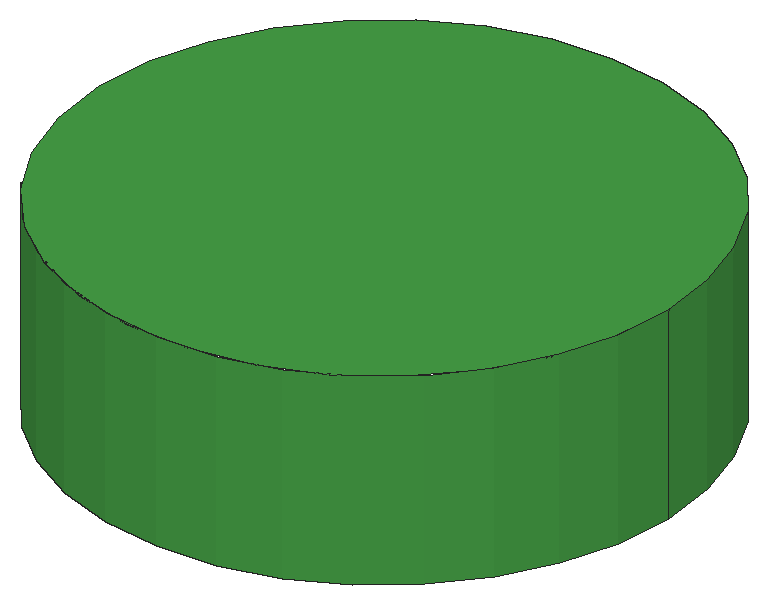
Revit family "Roofs Family Template", category Roofs, Revit 2025
Family settings
  Work Plane-Based = No
  Always vertical = No
  Cut with Voids When Loaded = No
  Shared = No
Reference planes
  plane 1: y = 0
  plane 2: z = 0
  plane 3: x = 0
Forms (mm)
  Extrusion 1, solid
    sketch origin (0, 0, 0) x (1, 0, 0) y (0, 1, 0)
      loop
        circle (0, 0) r 380
    from 0 to 250
